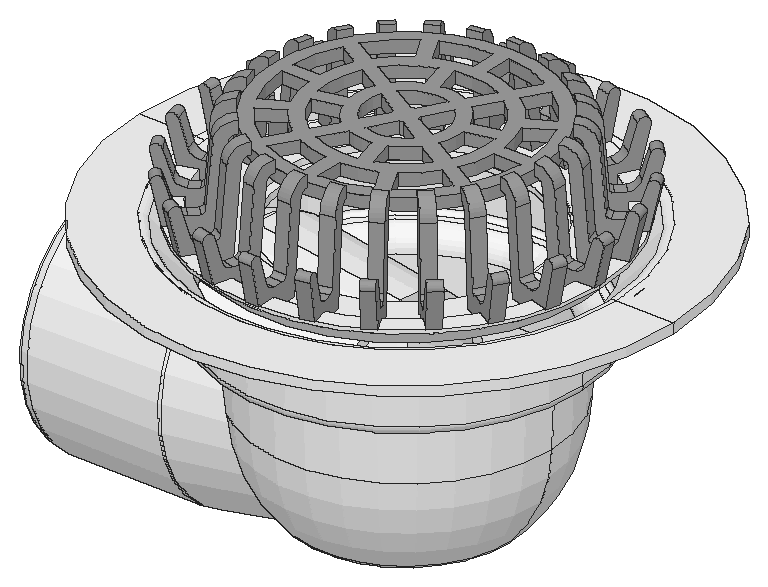
Revit family "3100.207 Roof Drain SE 100 BF", category Plumbing Fixtures, Revit 2020
Family settings
  Round Connector Dimension = Use Diameter
  Part Type = Normal
  OmniClass Number = 23.45.00.00
  OmniClass Title = Sanitary, Laundry, and Cleaning Equipment
  Work Plane-Based = No
  Always vertical = Yes
  Cut with Voids When Loaded = No
  Shared = No
  Room Calculation Point = No
Parameters (values of type "3100.207 100x100 Drain")
  Waste Connection = yes
  Vent Connection = yes
  URL = "www.aquaknight.co.nz"
  Phone = "+6498322214"  # constant formula
  Overflow = no
  Model = "3100.207"
  Manufacturer = "Aquanight Industries Ltd"  # constant formula
  HW Connection = no
  Email = "info@aquaknight.co.nz"  # constant formula
  Description = "Roof Drain Side Exit 100mm Inlet x 100mm Outlet Big Flange"
  Default Elevation = 0 mm
  CW Connection = no
Types (2, lengths in mm): name | Overflow
  3100.207 100x100 Overflow | yes
  3100.207 100x100 Drain | no
Reference planes
  plane 1 "Center (Front/Back)": y = 0
  plane 2: z = 0
  plane 3 "Center (Left/Right)": x = 0
  plane 4: through (-122.102, -1524, -78.384) normal (-0.0262, 0, 0.9997)
  plane 5: through (-87.514, -1524, -18.322) normal (0.9997, 0, 0.0262)
Forms (mm)
  Revolve 1, solid, material "Stainless Steel", detail levels coarse+medium
    sketch origin (0, 0, -4) x (1, 0, 0) y (0, 0, 1)
      loop
        line (0, 46.85) -> (-57.51, 46.85)
        arc (-57.51, 46.85) -> (-63.283, 44.59) -> (-65.988, 39.012) r 8.504
        line (-65.988, 39.012) -> (-68.033, 12.942)
        arc (-68.033, 12.942) -> (-68.634, 11.702) -> (-69.917, 11.2) r 1.89
        line (-69.917, 11.2) -> (-74.388, 11.2)
        arc (-74.388, 11.2) -> (-77.362, 12.181) -> (-79.169, 14.738) r 5
        line (-79.169, 14.738) -> (-82.46, 25.501)
        arc (-82.46, 25.501) -> (-85.284, 27.068) -> (-86.95, 24.302) r 2.325
        line (-86.95, 24.302) -> (-83.071, 7.5) -> (-75, 7.5) -> (-75, 4.773) -> (-63.725, 4.773) -> (-60.77, 38.542)
        arc (-60.77, 38.542) -> (-59.609, 40.898) -> (-57.161, 41.85) r 3.624
        line (-57.161, 41.85) -> (0, 41.85) -> (0, 46.85)
      axis (0, 46.85) -> (0, 4.773)
    angle from 0 to 360
  Revolve 2, solid, material "Plastic, Glossy White"
    sketch origin (0, 0, -4) x (1, 0, 0) y (0, 0, 1)
      loop
        line (0, -114.422) -> (40.373, -107.303)
        arc (40.373, -107.303) -> (43.112, -106.345) -> (45.404, -104.565) r 9
        arc (45.404, -104.565) -> (57.666, -85.442) -> (62.476, -63.239) r 64
        line (62.476, -63.239) -> (63.185, -42.921)
        arc (63.185, -42.921) -> (64.555, -39.654) -> (67.747, -38.114) r 5
        line (67.747, -38.114) -> (72.392, -37.708)
        arc (72.392, -37.708) -> (74.945, -36.477) -> (76.041, -33.863) r 4
        line (76.041, -33.863) -> (76.7, -15.015)
        arc (76.7, -15.015) -> (76.888, -14.146) -> (77.37, -13.398) r 2.5
        line (77.37, -13.398) -> (89.122, -0.795)
        arc (89.122, -0.795) -> (89.953, -0.207) -> (90.95, 0) r 2.5
        line (90.95, 0) -> (115, 0) -> (115, 4) -> (90.298, 4)
        arc (90.298, 4) -> (88.304, 3.585) -> (86.641, 2.41) r 5
        line (86.641, 2.41) -> (72.787, -12.447) -> (72.106, -31.955)
        arc (72.106, -31.955) -> (71.558, -33.262) -> (70.281, -33.877) r 2
        line (70.281, -33.877) -> (67.398, -34.13)
        arc (67.398, -34.13) -> (61.654, -36.9) -> (59.188, -42.781) r 9
        line (59.188, -42.781) -> (58.478, -63.1)
        arc (58.478, -63.1) -> (53.969, -83.914) -> (42.473, -101.843) r 60
        arc (42.473, -101.843) -> (41.2, -102.832) -> (39.678, -103.364) r 5
        line (39.678, -103.364) -> (0, -110.36) -> (0, -114.422)
      loop
        line (83.05, 7.45) -> (75.25, 7.45) -> (75.25, 3.5)
        arc (75.25, 3.5) -> (75.104, 3.146) -> (74.75, 3) r 0.5
        line (74.75, 3) -> (55.5, 3) -> (55.5, 0) -> (51.5, 0) -> (51.5, -2.5) -> (59.25, -2.5) -> (60.25, -1.5) -> (75.5, -1.5) -> (83.05, 6.05) -> (83.05, 7.45)
      axis (0, 7.45) -> (0, -114.422)
    angle from 0 to 360
  Extrusion 3, solid, material "Stainless Steel", detail levels fine
    sketch origin (0, 0, 0) x (1, 0, 0) y (0, 1, 0)
      loop
        arc (-46.028, 23.147) -> (-49.762, 13.34) -> (-51.432, 2.979) r 51.54
        line (-51.432, 2.979) -> (-39.767, 2.979)
        arc (-39.767, 2.979) -> (-38.519, 10.327) -> (-35.926, 17.314) r 39.9
        line (-35.926, 17.314) -> (-46.028, 23.147)
      loop
        arc (-28.285, 43.071) -> (-36.422, 36.444) -> (-43.049, 28.307) r 51.54
        line (-43.049, 28.307) -> (-32.946, 22.475)
        arc (-32.946, 22.475) -> (-28.192, 28.214) -> (-22.453, 32.968) r 39.9
        line (-22.453, 32.968) -> (-28.285, 43.071)
      loop
        arc (-17.292, 35.948) -> (-10.305, 38.54) -> (-2.957, 39.789) r 39.9
        line (-2.957, 39.789) -> (-2.957, 51.454)
        arc (-2.957, 51.454) -> (-13.318, 49.784) -> (-23.125, 46.05) r 51.54
        line (-23.125, 46.05) -> (-17.292, 35.948)
      loop
        arc (-11.653, 32.06) -> (-20.749, 27.069) -> (-27.924, 19.575) r 34.12
        line (-27.924, 19.575) -> (-17.706, 13.676)
        arc (-17.706, 13.676) -> (-13.608, 17.763) -> (-8.599, 20.664) r 22.39
        line (-8.599, 20.664) -> (-11.653, 32.06)
      loop
        line (46.028, 23.147) -> (35.926, 17.314)
        arc (35.926, 17.314) -> (38.519, 10.327) -> (39.767, 2.979) r 39.9
        line (39.767, 2.979) -> (51.432, 2.979)
        arc (51.432, 2.979) -> (49.762, 13.34) -> (46.028, 23.147) r 51.54
      loop
        line (28.285, 43.071) -> (22.453, 32.968)
        arc (22.453, 32.968) -> (28.192, 28.214) -> (32.946, 22.475) r 39.9
        line (32.946, 22.475) -> (43.049, 28.307)
        arc (43.049, 28.307) -> (36.422, 36.444) -> (28.285, 43.071) r 51.54
      loop
        line (17.292, 35.948) -> (23.125, 46.05)
        arc (23.125, 46.05) -> (13.318, 49.784) -> (2.957, 51.454) r 51.54
        line (2.957, 51.454) -> (2.957, 39.789)
        arc (2.957, 39.789) -> (10.305, 38.54) -> (17.292, 35.948) r 39.9
      loop
        line (-46.028, -23.147) -> (-35.926, -17.314)
        arc (-35.926, -17.314) -> (-38.519, -10.327) -> (-39.767, -2.979) r 39.9
        line (-39.767, -2.979) -> (-51.432, -2.979)
        arc (-51.432, -2.979) -> (-49.762, -13.34) -> (-46.028, -23.147) r 51.54
      loop
        line (-28.285, -43.071) -> (-22.453, -32.968)
        arc (-22.453, -32.968) -> (-28.192, -28.214) -> (-32.946, -22.475) r 39.9
        line (-32.946, -22.475) -> (-43.049, -28.307)
        arc (-43.049, -28.307) -> (-36.422, -36.444) -> (-28.285, -43.071) r 51.54
      loop
        line (-17.292, -35.948) -> (-23.125, -46.05)
        arc (-23.125, -46.05) -> (-13.318, -49.784) -> (-2.957, -51.454) r 51.54
        line (-2.957, -51.454) -> (-2.957, -39.789)
        arc (-2.957, -39.789) -> (-10.305, -38.54) -> (-17.292, -35.948) r 39.9
      loop
        arc (46.028, -23.147) -> (49.762, -13.34) -> (51.432, -2.979) r 51.54
        line (51.432, -2.979) -> (39.767, -2.979)
        arc (39.767, -2.979) -> (38.519, -10.327) -> (35.926, -17.314) r 39.9
        line (35.926, -17.314) -> (46.028, -23.147)
      loop
        arc (28.285, -43.071) -> (36.422, -36.444) -> (43.049, -28.307) r 51.54
        line (43.049, -28.307) -> (32.946, -22.475)
        arc (32.946, -22.475) -> (28.192, -28.214) -> (22.453, -32.968) r 39.9
        line (22.453, -32.968) -> (28.285, -43.071)
      loop
        arc (17.292, -35.948) -> (10.305, -38.54) -> (2.957, -39.789) r 39.9
        line (2.957, -39.789) -> (2.957, -51.454)
        arc (2.957, -51.454) -> (13.318, -49.784) -> (23.125, -46.05) r 51.54
        line (23.125, -46.05) -> (17.292, -35.948)
      loop
        arc (11.653, -32.06) -> (20.749, -27.069) -> (27.924, -19.575) r 34.12
        line (27.924, -19.575) -> (17.706, -13.676)
        arc (17.706, -13.676) -> (13.608, -17.763) -> (8.599, -20.664) r 22.39
        line (8.599, -20.664) -> (11.653, -32.06)
      loop
        arc (-30.904, 14.415) -> (-33.806, 4.454) -> (-33.581, -5.919) r 34.12
        line (-33.581, -5.919) -> (-22.184, -2.866)
        arc (-22.184, -2.866) -> (-22.177, 2.922) -> (-20.686, 8.515) r 22.39
        line (-20.686, 8.515) -> (-30.904, 14.415)
      loop
        line (-4.945, -0.573) -> (-15.566, 5.56)
        arc (-15.566, 5.56) -> (-15.964, -4.283) -> (-10.698, -12.609) r 16.55
        line (-10.698, -12.609) -> (-4.566, -1.988)
        arc (-4.566, -1.988) -> (-4.808, -1.294) -> (-4.945, -0.573) r 5
      loop
        line (12.631, -10.72) -> (2.01, -4.588)
        arc (2.01, -4.588) -> (1.316, -4.83) -> (0.594, -4.967) r 5
        line (0.594, -4.967) -> (-5.538, -15.588)
        arc (-5.538, -15.588) -> (4.305, -15.986) -> (12.631, -10.72) r 16.55
      loop
        line (4.989, 0.573) -> (15.61, -5.56)
        arc (15.61, -5.56) -> (16.008, 4.283) -> (10.742, 12.609) r 16.55
        line (10.742, 12.609) -> (4.61, 1.988)
        arc (4.61, 1.988) -> (4.852, 1.294) -> (4.989, 0.573) r 5
      loop
        arc (5.581, 15.588) -> (-4.262, 15.986) -> (-12.587, 10.72) r 16.55
        line (-12.587, 10.72) -> (-1.966, 4.588)
        arc (-1.966, 4.588) -> (-1.272, 4.83) -> (-0.551, 4.967) r 5
        line (-0.551, 4.967) -> (5.581, 15.588)
      loop
        line (33.625, 5.919) -> (22.228, 2.866)
        arc (22.228, 2.866) -> (22.22, -2.922) -> (20.729, -8.515) r 22.39
        line (20.729, -8.515) -> (30.948, -14.415)
        arc (30.948, -14.415) -> (33.85, -4.454) -> (33.625, 5.919) r 34.12
      loop
        line (-20.642, -8.621) -> (-32.038, -11.675)
        arc (-32.038, -11.675) -> (-27.047, -20.771) -> (-19.553, -27.946) r 34.12
        line (-19.553, -27.946) -> (-13.654, -17.728)
        arc (-13.654, -17.728) -> (-17.741, -13.63) -> (-20.642, -8.621) r 22.39
      loop
        arc (-14.393, -30.926) -> (-4.432, -33.828) -> (5.941, -33.603) r 34.12
        line (5.941, -33.603) -> (2.887, -22.206)
        arc (2.887, -22.206) -> (-2.901, -22.198) -> (-8.493, -20.708) r 22.39
        line (-8.493, -20.708) -> (-14.393, -30.926)
      loop
        line (20.686, 8.621) -> (32.082, 11.675)
        arc (32.082, 11.675) -> (27.091, 20.771) -> (19.597, 27.946) r 34.12
        line (19.597, 27.946) -> (13.698, 17.728)
        arc (13.698, 17.728) -> (17.785, 13.63) -> (20.686, 8.621) r 22.39
      loop
        arc (14.437, 30.926) -> (4.475, 33.828) -> (-5.897, 33.603) r 34.12
        line (-5.897, 33.603) -> (-2.844, 22.206)
        arc (-2.844, 22.206) -> (2.944, 22.198) -> (8.537, 20.708) r 22.39
        line (8.537, 20.708) -> (14.437, 30.926)
      loop
        circle (0, 0) r 57.238
    from 35 to 40
  Revolve 4, solid, material "Plastic, Glossy White"
    sketch origin (0, 0, 0) x (1, 0, 0) y (0, 0, 1)
      loop
        arc (-125.83, -126.398) -> (-125.38, -128.051) -> (-123.971, -129.025) r 2.5
        line (-123.971, -129.025) -> (-120.754, -129.866) -> (-63.636, -129.513)
        arc (-63.636, -129.513) -> (-62.88, -129.477) -> (-62.129, -129.377) r 9
        line (-62.129, -129.377) -> (0, -118.422) -> (0, -114.36) -> (-64.301, -125.698)
        arc (-64.301, -125.698) -> (-64.708, -125.753) -> (-65.118, -125.774) r 5
        line (-65.118, -125.774) -> (-125.83, -126.398)
      axis (-127.084, -78.514) -> (-1.025, -75.214)
    angle from 0 to 360
  Revolve 5, solid, material "Plastic, Glossy White", visible <- "Overflow"
    sketch origin (0, 0, 0) x (1, 0, 0) y (0, 0, 1)
      loop
        line (52.75, 37.5) -> (52.75, -4) -> (55.25, -4) -> (55.25, 37.5) -> (52.75, 37.5)
      axis (0, 37.5) -> (0, -4)
    angle from 0 to 360
Lines and regions (mm)
  Masking region 1
    outline origin (0, 0, 4) x (0, 1, 0) y (-1, 0, 0)
      loop
        circle (0, 0) r 115
  model lines, detail levels medium+fine
    curve 1: circle (53.522, 92.665, 0) r 4.5 normal (0, 0, 1)
    curve 2: circle (107.022, 0, 0) r 4.5 normal (0, 0, 1)
    curve 3: circle (-53.478, 92.665, 0) r 4.5 normal (0, 0, 1)
    curve 4: circle (-106.978, 0, 0) r 4.5 normal (0, 0, 1)
    curve 5: circle (-53.478, -92.665, 0) r 4.5 normal (0, 0, 1)
    curve 6: circle (53.522, -92.665, 0) r 4.5 normal (0, 0, 1)
  symbolic lines
    curve 7: circle (0, 0, 4) r 87.008 normal (0, 0, 1)
  symbolic lines, detail levels fine
    curve 8: circle (53.522, 92.665, 4) r 4.5 normal (0, 0, 1)
    curve 9: circle (107.022, 0, 4) r 4.5 normal (0, 0, 1)
    curve 10: circle (53.522, -92.665, 4) r 4.5 normal (0, 0, 1)
    curve 11: circle (-53.478, -92.665, 4) r 4.5 normal (0, 0, 1)
    curve 12: circle (-106.978, 0, 4) r 4.5 normal (0, 0, 1)
    curve 13: circle (-53.478, 92.665, 4) r 4.5 normal (0, 0, 1)
Dimensions and locks
  locked: connector elem to plane 4
  locked: connector elem to plane 1 "Center (Front/Back)"
  angle level to Revolve 4 sketch curve = 1.50°
  aligned and locked: level to plane 2
Nested families
  nested 1: "hook" at (0, 0, 2.85), type "230", detail levels fine
  nested 2: "hook" at (0, 0, 2.85) x (0.9659, 0.2588, 0) z (0, 0, 1), type "230", detail levels fine
  nested 3: "hook" at (0, 0, 2.85) x (0.866, 0.5, 0) z (0, 0, 1), type "230", detail levels fine
  nested 4: "hook" at (0, 0, 2.85) x (0.7071, 0.7071, 0) z (0, 0, 1), type "230", detail levels fine
  nested 5: "hook" at (0, 0, 2.85) x (0.5, 0.866, 0) z (0, 0, 1), type "230", detail levels fine
  nested 6: "hook" at (0, 0, 2.85) x (0.2588, 0.9659, 0) z (0, 0, 1), type "230", detail levels fine
  nested 7: "hook" at (0, 0, 2.85) x (0, 1, 0) z (0, 0, 1), type "230", detail levels fine
  nested 8: "hook" at (0, 0, 2.85) x (-0.2588, 0.9659, 0) z (0, 0, 1), type "230", detail levels fine
  nested 9: "hook" at (0, 0, 2.85) x (-0.5, 0.866, 0) z (0, 0, 1), type "230", detail levels fine
  nested 10: "hook" at (0, 0, 2.85) x (-0.7071, 0.7071, 0) z (0, 0, 1), type "230", detail levels fine
  nested 11: "hook" at (0, 0, 2.85) x (-0.866, 0.5, 0) z (0, 0, 1), type "230", detail levels fine
  nested 12: "hook" at (0, 0, 2.85) x (-0.9659, 0.2588, 0) z (0, 0, 1), type "230", detail levels fine
  nested 13: "hook" at (0, 0, 2.85) x (-1, 0, 0) z (0, 0, 1), type "230", detail levels fine
  nested 14: "hook" at (0, 0, 2.85) x (-0.9659, -0.2588, 0) z (0, 0, 1), type "230", detail levels fine
  nested 15: "hook" at (0, 0, 2.85) x (-0.866, -0.5, 0) z (0, 0, 1), type "230", detail levels fine
  nested 16: "hook" at (0, 0, 2.85) x (-0.7071, -0.7071, 0) z (0, 0, 1), type "230", detail levels fine
  nested 17: "hook" at (0, 0, 2.85) x (-0.5, -0.866, 0) z (0, 0, 1), type "230", detail levels fine
  nested 18: "hook" at (0, 0, 2.85) x (-0.2588, -0.9659, 0) z (0, 0, 1), type "230", detail levels fine
  nested 19: "hook" at (0, 0, 2.85) x (0, -1, 0) z (0, 0, 1), type "230", detail levels fine
  nested 20: "hook" at (0, 0, 2.85) x (0.2588, -0.9659, 0) z (0, 0, 1), type "230", detail levels fine
  nested 21: "hook" at (0, 0, 2.85) x (0.5, -0.866, 0) z (0, 0, 1), type "230", detail levels fine
  nested 22: "hook" at (0, 0, 2.85) x (0.7071, -0.7071, 0) z (0, 0, 1), type "230", detail levels fine
  nested 23: "hook" at (0, 0, 2.85) x (0.866, -0.5, 0) z (0, 0, 1), type "230", detail levels fine
  nested 24: "hook" at (0, 0, 2.85) x (0.9659, -0.2588, 0) z (0, 0, 1), type "230", detail levels fine
Connectors
  piping at (-85.966, 0, -77.438), diameter 100
    settings: on plane 5, index 1, connector inside diameter 609.6 mm, connector length 0 mm, flow factor 0, pipe flow 0.0 L/s, pressure drop 0.0 Pa, fitting loss kfactor 0, connector angle 0.00°, fixture units 0, engagement length 0 mm, angle of deflection 0.00°, flow configuration 0, flow direction 0, fitting loss method 0, system type 28, joint type 0, gender type 0, connector reference index -1, connector utility 0, adjustable connector no, is connector primary yes, connector description ""
Definition of nested family "hook"
  Parameters (values of type "230")
    Waste Connection = yes
    Vent Connection = yes
    URL = ""
    Model = ""
    Manufacturer = ""
    HW Connection = no
    Description = ""
    Default Elevation = 0 mm
    CW Connection = no
  Reference planes
    plane 1 "Center (Front/Back)": y = 0
    plane 2: z = 0
    plane 3 "Center (Left/Right)": x = 0
    plane 4: z = 40
  Forms (mm)
    Extrusion 1, solid, detail levels fine
      sketch origin (0, 0, 0) x (1, 0, 0) y (0, 0, 1)
        loop
          arc (-74.388, 4.35) -> (-77.362, 5.331) -> (-79.169, 7.888) r 5
          line (-79.169, 7.888) -> (-82.46, 18.651)
          arc (-82.46, 18.651) -> (-85.284, 20.218) -> (-86.95, 17.452) r 2.325
          line (-86.95, 17.452) -> (-83.071, 0.65) -> (-75, 0.65) -> (-75, -4.65) -> (-63.95, -4.65) -> (-60.77, 31.692)
          arc (-60.77, 31.692) -> (-59.638, 34.021) -> (-57.24, 34.999) r 3.624
          line (-57.24, 34.999) -> (-57.24, 39.996)
          arc (-57.24, 39.996) -> (-63.183, 37.831) -> (-65.988, 32.162) r 8.504
          line (-65.988, 32.162) -> (-68.033, 6.092)
          arc (-68.033, 6.092) -> (-68.634, 4.852) -> (-69.917, 4.35) r 1.89
          line (-69.917, 4.35) -> (-74.388, 4.35)
      from -2.8 to 2.8
  Dimensions and locks
    aligned and locked: level to plane 2
